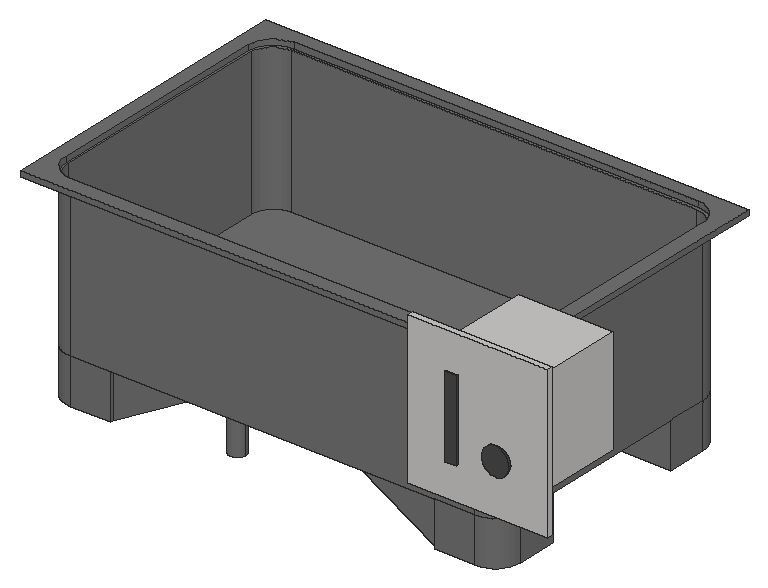
Revit family "QF_Vollrath_72109", category Specialty Equipment, Revit 2016
Family settings
  Part Type = Normal
  Round Connector Dimension = Use Diameter
  OmniClass Number = 23.40.40.14.14
  OmniClass Title = Food Preparation Equipment
  Work Plane-Based = No
  Always vertical = Yes
  Cut with Voids When Loaded = No
  Shared = No
  Room Calculation Point = No
Parameters
  Weight in Pounds = 31.84
  Watts = 700 W
  Watermarked By = "http://revitwatermark.com"
  Waste Water Discharge Temperature [instance] = -459.67 °F
  Volts = 120 V
  URL Cutsheet = ""
  URL = "www.vollrathco.com"
  Status [instance] = ""
  Specification by User [instance] = ""
  Specification by Manufacturer [instance] = ""
  Serial Number [instance] = ""
  Seismic Rating [instance] = ""
  SMACNA No [instance] = ""
  Revision Code [instance] = ""
  Remote Control Width [instance] = 24.00"
  Remote Control Height AFF [instance] = 30.375"
  Remote Control Depth [instance] = 8.00"
  Plumbing Remarks [instance] = ""
  Plumbing Connection Type [instance] = ""
  Phase = 1
  Number of Poles = 1
  NAFEM Spec ID Number [instance] = ""
  Model = "72109"
  Masterspec [instance] = ""
  Manufacturer = "Vollrath"
  Item Number [instance] = "-"
  Installed By [instance] = ""
  Indirect Waste Size = 1/2"
  Indirect Waste Flow [instance] = 0.00 GPM
  Indirect Waste Connection Type [instance] = ""
  Indirect Waste Connection Height [instance] = Height AFF - 11.00"  # 12.88"
  Height AFF [instance] = 23.88"
  Furnished By [instance] = ""
  Foodservice Equipment Identifier [instance] = yes
  FL Amps = 5.8 A
  Electrical Remarks [instance] = ""
  Electric Connection Type [instance] = ""
  Elec Conn RI Height [instance] = 0.00"
  Elec Conn Connection Height [instance] = Height AFF - 8.00"  # 15.88"
  Description = "Drop-In Warmer"
  Cycle = 60 Hz
  Conn Conduit = yes
  CSI MasterFormat = "11 42 00"
  Assembly Code = "E1090320"
  Apparent Power = Volts * FL Amps  # 696 VA
Reference planes (in)
  plane 1 "BACK": x = -0.78363
  plane 2: z = 0
  plane 3 "LEFT": y = 11.55242
  plane 4 "RIGHT": y = -2.19758
  plane 5: x = -22.43863
  plane 6: y = 10.80242
  plane 7: y = -1.44758
  plane 8: x = -1.53363
  plane 9 "Front of Bottom": x = -21.68863
  plane 10 "Table Top": z = 23.88
  plane 11 "TOP": z = 24.13
  plane 12 "BOTTOM": z = 14.985
  plane 13 "Bottom of Well": z = 17
  plane 14: y = 7.99592
  plane 15: y = 1.35892
  plane 16: x = -4.34613
  plane 17: x = -18.87613
  plane 18 "Drain": z = 13
  plane 19: x = 1.56137
  plane 20: x = 7.81137
  plane 21: y = -5.52258
  plane 22 "RC Front": y = -10.44758
  plane 23: y = -10.19758
  plane 24: x = 6.81137
  plane 25: x = 2.56137
  plane 26: z = 30.375
  plane 27: z = 23.625
  plane 28: z = 24.625
  plane 29: z = 29.375
  plane 30: z = 28.74817
  plane 31: z = 25.10671
  plane 32: z = 11.055
Forms (in)
  Extrusion 1, solid, material "QF_Finishes_Dark Grey"
    sketch origin (-0.78363, 5.55242, 23.88) x (1, 0, 0) y (0, 1, 0)
      loop
        arc (-0.75, 4.25) -> (-1.04289, 4.95711) -> (-1.75, 5.25) r 1
        line (-1.75, 5.25) -> (-19.905, 5.25)
        arc (-19.905, 5.25) -> (-20.61211, 4.95711) -> (-20.905, 4.25) r 1
        line (-20.905, 4.25) -> (-20.905, -6)
        arc (-20.905, -6) -> (-20.61211, -6.70711) -> (-19.905, -7) r 1
        line (-19.905, -7) -> (-1.75, -7)
        arc (-1.75, -7) -> (-1.04289, -6.70711) -> (-0.75, -6) r 1
        line (-0.75, -6) -> (-0.75, 4.25)
      loop
        arc (-0.625, 4.25) -> (-0.9545, 5.0455) -> (-1.75, 5.375) r 1.125
        line (-1.75, 5.375) -> (-19.905, 5.375)
        arc (-19.905, 5.375) -> (-20.7005, 5.0455) -> (-21.03, 4.25) r 1.125
        line (-21.03, 4.25) -> (-21.03, -6)
        arc (-21.03, -6) -> (-20.7005, -6.7955) -> (-19.905, -7.125) r 1.125
        line (-19.905, -7.125) -> (-1.75, -7.125)
        arc (-1.75, -7.125) -> (-0.9545, -6.7955) -> (-0.625, -6) r 1.125
        line (-0.625, -6) -> (-0.625, 4.25)
    from 0 to -6.88
  Extrusion 2, solid, material "QF_Finishes_Dark Grey"
    sketch origin (-0.78363, 5.55242, 17) x (1, 0, 0) y (0, 1, 0)
      loop
        line (-3.5625, 2.4435) -> (-0.625, 2.4435) -> (-0.625, 4.25)
        arc (-0.625, 4.25) -> (-0.9545, 5.0455) -> (-1.75, 5.375) r 1.125
        line (-1.75, 5.375) -> (-3.5625, 5.375) -> (-3.5625, 2.4435)
      loop
        line (-3.5625, -4.1935) -> (-3.5625, -7.125) -> (-1.75, -7.125)
        arc (-1.75, -7.125) -> (-0.9545, -6.7955) -> (-0.625, -6) r 1.125
        line (-0.625, -6) -> (-0.625, -4.1935) -> (-3.5625, -4.1935)
      loop
        line (-18.0925, 2.4435) -> (-18.0925, 5.375) -> (-19.905, 5.375)
        arc (-19.905, 5.375) -> (-20.7005, 5.0455) -> (-21.03, 4.25) r 1.125
        line (-21.03, 4.25) -> (-21.03, 2.4435) -> (-18.0925, 2.4435)
      loop
        line (-18.0925, -4.1935) -> (-21.03, -4.1935) -> (-21.03, -6)
        arc (-21.03, -6) -> (-20.7005, -6.7955) -> (-19.905, -7.125) r 1.125
        line (-19.905, -7.125) -> (-18.0925, -7.125) -> (-18.0925, -4.1935)
    from 0 to -2.015
  Extrusion 3, solid, material "QF_Finishes_Dark Grey"
    sketch origin (0, 11.55242, 0) x (1, 0, 0) y (0, 0, 1)
      loop
        line (-4.34613, 17) -> (-7.83621, 17) -> (-4.34613, 14.985) -> (-4.34613, 17)
    from 0.75 to 3.5565
  Extrusion 4, solid, material "QF_Finishes_Dark Grey"
    sketch origin (-0.78363, -2.10258, 0) x (1, 0, 0) y (0, 0, -1)
      loop
        line (-3.5625, -17) -> (-3.5625, -14.985) -> (-7.05258, -17) -> (-3.5625, -17)
    from 0.655 to 3.4615
  Extrusion 5, solid, material "QF_Finishes_Dark Grey"
    sketch origin (0, -10.10258, 0) x (-1, 0, 0) y (0, 0, -1)
      loop
        line (18.87613, -17) -> (18.87613, -14.985) -> (15.38605, -17) -> (18.87613, -17)
    from -20.905 to -18.0985
  Extrusion 6, solid, material "QF_Finishes_Dark Grey"
    sketch origin (-22.43863, -2.10258, 0) x (-1, 0, 0) y (0, 0, 1)
      loop
        line (-3.5625, 17) -> (-7.05258, 17) -> (-3.5625, 14.985) -> (-3.5625, 17)
    from 0.655 to 3.4615
  Extrusion 7, solid, material "QF_Finishes_Dark Grey"
    sketch origin (-15.53363, 5.55242, 17) x (1, 0, 0) y (0, 1, 0)
      loop
        circle (-2.9145, -0.5565) r 0.25
      loop
        circle (-2.9145, -0.5565) r 0.375
    from 0 to -5.945
  Extrusion 8, solid, material "QF_Finishes_Stainless Steel"
    sketch origin (0, -10.44758, 0) x (1, 0, 0) y (0, 0, 1)
      loop
        line (1.56137, 30.375) -> (1.56137, 23.625) -> (7.81137, 23.625) -> (7.81137, 30.375) -> (1.56137, 30.375)
    from 0 to -0.25
  Extrusion 9, solid, material "QF_Finishes_Stainless Steel"
    sketch origin (0, -10.44758, 0) x (1, 0, 0) y (0, 0, 1)
      loop
        line (2.56137, 29.375) -> (2.56137, 24.625) -> (6.81137, 24.625) -> (6.81137, 29.375) -> (2.56137, 29.375)
    from -0.25 to -4.925
  Extrusion 10, solid, material "QF_Finishes_Black"
    sketch origin (0, -10.44758, 0) x (1, 0, 0) y (0, 0, 1)
      loop
        line (3.2708, 25.10671) -> (3.7708, 25.10671) -> (3.7708, 28.74817) -> (3.2708, 28.74817) -> (3.2708, 25.10671)
      loop
        circle (5.5208, 25.90442) r 0.625
    from 0 to 0.0625
  Extrusion 11, solid, material "QF_Finishes_Dark Grey"
    sketch origin (0, 0, 17) x (0, 1, 0) y (-1, 0, 0)
      loop
        line (9.80242, 21.68863) -> (-0.44758, 21.68863)
        arc (-0.44758, 21.68863) -> (-1.15469, 21.39574) -> (-1.44758, 20.68863) r 1
        line (-1.44758, 20.68863) -> (-1.44758, 2.53363)
        arc (-1.44758, 2.53363) -> (-1.15469, 1.82652) -> (-0.44758, 1.53363) r 1
        line (-0.44758, 1.53363) -> (9.80242, 1.53363)
        arc (9.80242, 1.53363) -> (10.50953, 1.82652) -> (10.80242, 2.53363) r 1
        line (10.80242, 2.53363) -> (10.80242, 20.68863)
        arc (10.80242, 20.68863) -> (10.50953, 21.39574) -> (9.80242, 21.68863) r 1
      loop
        circle (4.99592, 18.44813) r 0.375
    from 0 to 0.375
  Extrusion 12, solid, material "QF_Finishes_Dark Grey"
    sketch origin (0, 0, 17) x (0, 1, 0) y (-1, 0, 0)
      loop
        line (11.55242, 22.43863) -> (-2.19758, 22.43863) -> (-2.19758, 0.78363) -> (11.55242, 0.78363) -> (11.55242, 22.43863)
      loop
        arc (-1.57258, 2.53363) -> (-1.24308, 1.73814) -> (-0.44758, 1.40863) r 1.125
        line (-0.44758, 1.40863) -> (9.80242, 1.40863)
        arc (9.80242, 1.40863) -> (10.59791, 1.73814) -> (10.92742, 2.53363) r 1.125
        line (10.92742, 2.53363) -> (10.92742, 20.68863)
        arc (10.92742, 20.68863) -> (10.59791, 21.48413) -> (9.80242, 21.81363) r 1.125
        line (9.80242, 21.81363) -> (-0.44758, 21.81363)
        arc (-0.44758, 21.81363) -> (-1.24308, 21.48413) -> (-1.57258, 20.68863) r 1.125
        line (-1.57258, 20.68863) -> (-1.57258, 2.53363)
    from 6.88 to 7.13
Lines and regions (in)
  symbolic lines
    curve 1: line (-0.78363, 11.55242, 17) -> (-0.78363, -2.19758, 17)
    curve 2: line (-22.43863, 11.55242, 17) -> (-0.78363, 11.55242, 17)
    curve 3: line (-22.43863, -2.19758, 17) -> (-22.43863, 11.55242, 17)
    curve 4: line (-0.78363, -2.19758, 17) -> (-22.43863, -2.19758, 17)
    curve 5: line (-1.53363, 9.80242, 17) -> (-1.53363, -0.44758, 17)
    curve 6: line (-20.68863, 10.80242, 17) -> (-2.53363, 10.80242, 17)
    curve 7: line (-21.68863, -0.54436, 17) -> (-21.68863, 9.80242, 17)
    curve 8: line (-2.53363, -1.44758, 17) -> (-20.78541, -1.44758, 17)
    curve 9: arc (-1.53363, 9.80242, 17) -> (-1.82652, 10.50953, 17) -> (-2.53363, 10.80242, 17) r 1
    curve 10: arc (-1.53363, -0.44758, 17) -> (-1.82652, -1.15469, 17) -> (-2.53363, -1.44758, 17) r 1
    curve 11: arc (-20.78541, -1.44758, 17) -> (-21.42408, -1.18303, 17) -> (-21.68863, -0.54436, 17) r 0.90323
    curve 12: arc (-21.68863, 9.80242, 17) -> (-21.39574, 10.50953, 17) -> (-20.68863, 10.80242, 17) r 1
    curve 13: arc (-18.19813, 4.99592, 17) -> (-18.44813, 4.74592, 17) -> (-18.69813, 4.99592, 17) r 0.25
    curve 14: arc (-18.69813, 4.99592, 17) -> (-18.44813, 5.24592, 17) -> (-18.19813, 4.99592, 17) r 0.25
  symbolic lines, style "SpecialityEquipmentHiddenLines"
    curve 15: line (1.56137, -10.19758, 17) -> (7.81137, -10.19758, 17)
    curve 16: line (1.56137, -10.44758, 17) -> (1.56137, -10.19758, 17)
    curve 17: line (7.81137, -10.44758, 17) -> (1.56137, -10.44758, 17)
    curve 18: line (7.81137, -10.19758, 17) -> (7.81137, -10.44758, 17)
    curve 19: line (2.56137, -5.52258, 17) -> (6.81137, -5.52258, 17)
    curve 20: line (2.56137, -10.19758, 17) -> (2.56137, -5.52258, 17)
    curve 21: line (6.81137, -5.52258, 17) -> (6.81137, -10.19758, 17)
    curve 22: line (3.19765, -10.44758, 17) -> (6.19765, -10.44758, 17)
Dimensions and locks (in)
  locked: plane 3 "LEFT" to plane 4 "RIGHT" at 13.75
  plane 5 to plane 1 "BACK" = 21.655"
  locked: plane 3 "LEFT" to plane 6 at 0.75
  locked: plane 7 to plane 4 "RIGHT" at 0.75
  locked: plane 8 to plane 1 "BACK" at 0.75
  locked: plane 5 to plane 9 "Front of Bottom" at 0.75
  "Height AFF": plane 10 "Table Top" to plane 2
  locked: plane 11 "TOP" to plane 10 "Table Top" at 0.25
  locked: plane 11 "TOP" to plane 12 "BOTTOM" at 9.145
  locked: plane 13 "Bottom of Well" to plane 12 "BOTTOM" at 2.015
  locked: plane 6 to plane 14 at 2.8065
  locked: plane 15 to plane 7 at 2.8065
  locked: plane 16 to plane 8 at 2.8125
  locked: plane 9 "Front of Bottom" to plane 17 at 2.8125
  locked: plane 13 "Bottom of Well" to plane 18 "Drain" at 4
  locked: plane 22 "RC Front" to plane 21 at 4.925
  locked: plane 22 "RC Front" to plane 23 at 0.25
  locked: plane 19 to plane 25 at 1
  locked: plane 25 to plane 24 at 4.25
  locked: plane 24 to plane 20 at 1
  "Remote Control Height AFF": plane 26 to level
  locked: plane 26 to plane 29 at 1
  locked: plane 29 to plane 28 at 4.75
  locked: plane 28 to plane 27 at 1
  locked: plane 26 to Extrusion 10 sketch curve at 4.47058
  locked: plane 29 to plane 30 at 0.62683
  locked: plane 31 to plane 28 at 0.48171
  "Remote Control Depth": plane 23 to plane 4 "RIGHT"
  "Remote Control Width": plane 5 to plane 19
  locked: plane 18 "Drain" to plane 32 at 1.945
  aligned and locked: level to plane 2
  aligned and locked: plane 8 to Extrusion 1 sketch curve
  aligned and locked: plane 6 to Extrusion 1 sketch curve
  aligned and locked: Extrusion 1 sketch curve to plane 9 "Front of Bottom"
  aligned and locked: Extrusion 1 sketch curve to plane 7
  aligned and locked: Extrusion 1 to plane 13 "Bottom of Well"
  aligned and locked: Extrusion 2 sketch curve to plane 16
  aligned and locked: plane 14 to Extrusion 2 sketch curve
  aligned and locked: plane 16 to Extrusion 2 sketch curve
  aligned and locked: plane 15 to Extrusion 2 sketch curve
  aligned and locked: Extrusion 2 sketch curve to plane 17
  aligned and locked: Extrusion 2 sketch curve to plane 14
  aligned and locked: plane 17 to Extrusion 2 sketch curve
  aligned and locked: Extrusion 2 sketch curve to plane 15
  aligned and locked: Extrusion 2 to plane 12 "BOTTOM"
  aligned: Extrusion 7 to plane 18 "Drain"
  aligned and locked: Extrusion 8 sketch curve to plane 26
  aligned and locked: plane 19 to Extrusion 8 sketch curve
  aligned and locked: plane 27 to Extrusion 8 sketch curve
  aligned and locked: Extrusion 8 sketch curve to plane 20
  aligned and locked: Extrusion 8 to plane 23
  aligned and locked: Extrusion 9 sketch curve to plane 29
  aligned and locked: plane 25 to Extrusion 9 sketch curve
  aligned and locked: plane 28 to Extrusion 9 sketch curve
  aligned and locked: Extrusion 9 sketch curve to plane 24
  aligned and locked: Extrusion 9 to plane 23
  aligned and locked: Extrusion 9 to plane 21
  aligned and locked: plane 23 to curve 15
  aligned and locked: curve 17 to plane 22 "RC Front"
  aligned and locked: plane 19 to curve 16
  aligned and locked: curve 18 to plane 20
  aligned and locked: curve 21 to plane 24
  aligned and locked: plane 21 to curve 19
  aligned and locked: plane 25 to curve 20
  aligned and locked: Extrusion 5 to plane 6
  aligned and locked: Extrusion 5 to plane 14
  aligned and locked: plane 7 to Extrusion 6
  aligned and locked: plane 15 to Extrusion 6
  aligned and locked: Extrusion 3 to plane 6
  aligned and locked: Extrusion 3 to plane 14
  aligned and locked: plane 15 to Extrusion 4
  aligned and locked: plane 7 to Extrusion 4
  aligned and locked: Extrusion 11 to plane 13 "Bottom of Well"
  aligned and locked: plane 11 "TOP" to Extrusion 12
  aligned and locked: Extrusion 12 to plane 10 "Table Top"
  aligned: Extrusion 10 to Extrusion 9  (x4)
  aligned: Extrusion 9 to Extrusion 10
  aligned and locked: plane 31 to Extrusion 10
  aligned and locked: Extrusion 10 to plane 30
  aligned: Extrusion 9 to plane 30
  aligned and locked: Extrusion 7 to plane 32
Automatic sketch dimensions
  Extrusion 3 sketch curve to plane 13 "Bottom of Well" = 0.00"
  Extrusion 3 sketch curve to plane 12 "BOTTOM" = 0.00"
  plane 16 to Extrusion 3 sketch curve = 0.00"
  plane 16 to Extrusion 3 sketch curve = 3.49008"
  Extrusion 4 sketch curve to plane 13 "Bottom of Well" = 0.00"
  Extrusion 4 sketch curve to plane 12 "BOTTOM" = 0.00"
  plane 16 to Extrusion 4 sketch curve = 0.00"
  plane 16 to Extrusion 4 sketch curve = 3.49008"
  Extrusion 5 sketch curve to plane 13 "Bottom of Well" = 0.00"
  Extrusion 5 sketch curve to plane 12 "BOTTOM" = 0.00"
  plane 17 to Extrusion 5 sketch curve = 0.00"
  plane 17 to Extrusion 5 sketch curve = 3.49008"
  Extrusion 6 sketch curve to plane 13 "Bottom of Well" = 0.00"
  Extrusion 6 sketch curve to plane 12 "BOTTOM" = 0.00"
  plane 17 to Extrusion 6 sketch curve = 0.00"
  Extrusion 6 sketch curve to Extrusion 6 sketch curve = 3.49008"
  Extrusion 10 sketch curve to plane 24 = 1.29057"
  plane 18 "Drain" to Extrusion 10 sketch curve = 12.10671"
  plane 13 "Bottom of Well" to Extrusion 10 sketch curve = 11.74817"
  Extrusion 1 sketch curve to Extrusion 1 sketch curve = 0.00"  (x8)
  Extrusion 1 sketch curve to Extrusion 1 sketch curve = 0.125"
  Extrusion 1 sketch curve to plane 9 "Front of Bottom" = 1.00"  (x2)
  plane 8 to Extrusion 1 sketch curve = 1.00"  (x2)
  Extrusion 2 sketch curve to plane 6 = 0.125"
  Extrusion 2 sketch curve to plane 9 "Front of Bottom" = 1.00"  (x2)
  plane 7 to Extrusion 2 sketch curve = 0.125"  (x2)
  plane 9 "Front of Bottom" to Extrusion 2 sketch curve = 0.125"  (x2)
  plane 8 to Extrusion 2 sketch curve = 1.00"  (x2)
  Extrusion 2 sketch curve to plane 8 = 0.125"  (x2)
  plane 6 to Extrusion 2 sketch curve = 1.00"
  Extrusion 7 sketch curve to Extrusion 7 sketch curve = 0.00"  (x2)
  plane 16 to Extrusion 7 sketch curve = 14.477"
  Extrusion 7 sketch curve to Extrusion 7 sketch curve = 0.125"
  Extrusion 7 sketch curve to Extrusion 7 sketch curve = 0.25"
  Extrusion 7 sketch curve to plane 14 = 3.00"
  plane 25 to Extrusion 10 sketch curve = 1.20943"
  plane 25 to Extrusion 10 sketch curve = 0.70943"
  Extrusion 11 sketch curve to plane 9 "Front of Bottom" = 0.00"
  plane 6 to Extrusion 11 sketch curve = 0.00"
  plane 6 to Extrusion 11 sketch curve = 1.00"
  plane 8 to Extrusion 11 sketch curve = 1.00"
  Extrusion 11 sketch curve to plane 8 = 0.00"
  Extrusion 11 sketch curve to plane 7 = 1.00"
  plane 7 to Extrusion 11 sketch curve = 0.00"
  Extrusion 11 sketch curve to plane 9 "Front of Bottom" = 1.00"
  plane 4 "RIGHT" to Extrusion 12 sketch curve = 0.00"
  plane 3 "LEFT" to Extrusion 12 sketch curve = 0.00"
  Extrusion 12 sketch curve to plane 5 = 0.00"
  Extrusion 12 sketch curve to plane 1 "BACK" = 0.00"
  plane 7 to Extrusion 12 sketch curve = 0.125"
  Extrusion 12 sketch curve to plane 8 = 0.125"
  Extrusion 12 sketch curve to plane 7 = 1.00"  (x2)
  plane 6 to Extrusion 12 sketch curve = 1.00"  (x2)
  Extrusion 12 sketch curve to plane 6 = 0.125"
  Extrusion 12 sketch curve to plane 9 "Front of Bottom" = 1.00"
  Extrusion 11 sketch curve to Extrusion 11 sketch curve = 0.00"  (x2)
  Extrusion 11 sketch curve to plane 17 = 0.428"
  Extrusion 11 sketch curve to plane 14 = 3.00"
  Extrusion 11 sketch curve to Extrusion 11 sketch curve = 0.375"
  curve 13 to curve 14 = 0.00"  (x2)
  plane 22 "RC Front" to curve 22 = 0.00"
  plane 4 "RIGHT" to curve 4 = 0.00"
  plane 7 to curve 8 = 0.00"
  curve 7 to plane 9 "Front of Bottom" = 0.00"
  curve 10 to plane 8 = 0.00"
  plane 6 to curve 9 = 0.00"
  curve 2 to plane 1 "BACK" = 0.00"
  plane 3 "LEFT" to curve 2 = 0.00"
  curve 3 to plane 5 = 0.00"
  curve 11 to plane 7 = 0.90323"
  curve 10 to plane 7 = 1.00"
  curve 13 to plane 17 = 0.178"
  curve 13 to plane 14 = 3.00"
  plane 6 to curve 7 = 1.00"
  plane 6 to curve 5 = 1.00"
  curve 22 to plane 24 = 0.61372"
  plane 25 to curve 22 = 0.63628"
  curve 13 to curve 13 = 0.50"
  radius of Extrusion 10 sketch curve = 0.625"
Connectors (in)
  piping at (-18.44813, 4.99592, 11.055), diameter 0.5, driven by "Indirect Waste Flow"
    settings: on Extrusion 7, index 2, connector inside diameter 1/2", connector length 0.00", flow factor 0, pipe flow 0.00 GPM, pressure drop 0.00 psi, fitting loss kfactor 0, connector angle 0.00°, fixture units 0, engagement length 0.00", angle of deflection 0.00°, flow configuration 1, flow direction 2, fitting loss method 0, system type 16, joint type 0, gender type 0, connector reference index -1, connector utility 0, adjustable connector no, is connector primary yes, connector description "Indirect Waste"
  electrical at (4.68637, -5.52258, 27), driven by "Number of Poles", driven by "Volts", driven by "Apparent Power"
    settings: on Extrusion 9, index 3, voltage 120 V, apparent load 696 VA, apparent load phase1 0 VA, apparent load phase2 0 VA, apparent load phase3 0 VA, power factor 1, load classification "Other", number of poles 1, system type 30, power factor state 1, is connector primary yes, connector utility no, sub classification motor no, connector description "Electric"
